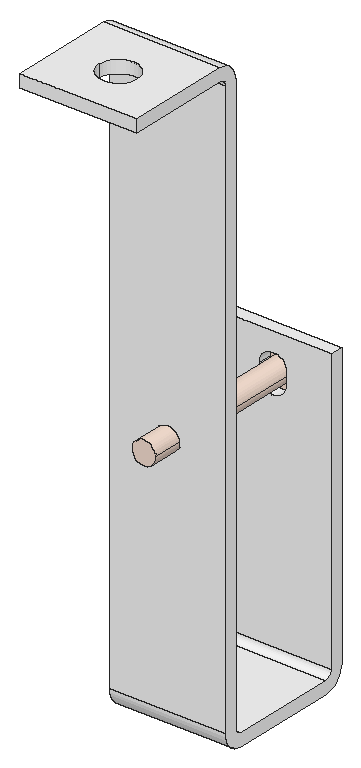
Revit family "lghanger_c60x30x10_outer", category 機械設備, Revit 2022
Family settings
  丸型コネクタ寸法 = 直径を使用
  種別 = なし
  パーツ タイプ = 標準
  作業面ベース = いいえ
  常に垂直 = はい
  ロード時にボイドで切り取り = いいえ
  注釈の向きを維持 = いいえ
  共有 = いいえ
  部屋計算ポイント = いいえ
Parameters
  製造元 = "株式会社桐井製作所"
  既定の高さ = 0 mm
  URL = "https://www.kirii.co.jp/"
  K_材質 = "SGHC　一般用"
  K_品名 = "60×30×10LGハンガー(外折れ)"
  K_名称 = "その他ハンガー"
  K_入数 = "100"
  K_バージョン情報 = "20211012"
  K_めっき付着量 = "Z12"
  K_JIS規格 = "JIS G 3302"
Reference planes
  plane 1 "中心(正面/背面)": y = 0
  plane 2: z = 0
  plane 3 "中心(左/右)": x = 0
  plane 4: x = 15
  plane 5: x = -15
Forms (mm)
  Extrusion 1, solid
    sketch origin (0, 0, 0) x (0, 1, 0) y (0, 0, 1)
      loop
        line (0, 1.8) -> (0, 151.8)
        arc (0, 151.8) -> (-1.464, 155.336) -> (-5, 156.8) r 5
        line (-5, 156.8) -> (-32, 156.8) -> (-32, 153.6) -> (-5, 153.6)
        arc (-5, 153.6) -> (-3.727, 153.073) -> (-3.2, 151.8) r 1.8
        line (-3.2, 151.8) -> (-3.2, 1.8)
        arc (-3.2, 1.8) -> (-1.736, -1.736) -> (1.8, -3.2) r 5
        line (1.8, -3.2) -> (29.2, -3.2)
        arc (29.2, -3.2) -> (32.736, -1.736) -> (34.2, 1.8) r 5
        line (34.2, 1.8) -> (34.2, 74.8) -> (31, 74.8) -> (31, 1.8)
        arc (31, 1.8) -> (30.473, 0.527) -> (29.2, 0) r 1.8
        line (29.2, 0) -> (1.8, 0)
        arc (1.8, 0) -> (0.527, 0.527) -> (0, 1.8) r 1.8
    from -15 to 15
  Extrusion 2, void
    sketch origin (0, 0, 0) x (1, 0, 0) y (0, 1, 0)
      loop
        circle (0, -19) r 5
    from 153.6 to 156.8
  Extrusion 3, void
    sketch origin (0, 0, 0) x (1, 0, 0) y (0, 0, 1)
      loop
        arc (3.5, 66.5) -> (0, 70) -> (-3.5, 66.5) r 3.5
        line (-3.5, 66.5) -> (-3.5, 63.5)
        arc (-3.5, 63.5) -> (0, 60) -> (3.5, 63.5) r 3.5
        line (3.5, 63.5) -> (3.5, 66.5)
    from -34.2 to -31
  Extrusion 4, void
    sketch origin (0, 0, 0) x (1, 0, 0) y (0, 0, 1)
      loop
        circle (0, 65) r 3
    from 0 to 3.2
Cuts and joins
  Extrusion 2, Extrusion 3, Extrusion 4 cuts Extrusion 1
Dimensions and locks
  aligned and locked: level to plane 2
Nested families
  nested 1: "M6×45ビス" at (-0.011, 34.2, 65.2) x (-1, 0, 0) z (0, 0, 1), type "M6×45ビス"
Definition of nested family "M6×45ビス"
  Parameters (values of type "M6×45ビス")
    Manufacturer = "株式会社桐井製作所"
    Default Elevation = 0 mm
    URL = "https://www.kirii.co.jp/"
    K_名称 = "M6×45ボルト"
  Reference planes
    plane 1 "中心(正面/背面)": y = 0
    plane 2: z = 0
    plane 3 "中心(左/右)": x = 0
    plane 4 "正面": y = -4
  Forms (mm)
    Extrusion 1, solid
      sketch origin (0, 0, 0) x (1, 0, 0) y (0, 0, 1)
        loop
          line (-4.763, -2.946) -> (0, -5.696) -> (4.763, -2.946) -> (4.763, 2.554) -> (0, 5.304) -> (-4.763, 2.554) -> (-4.763, -2.946)
      from 0 to 4
    Extrusion 2, void
      sketch origin (0, -4, 0) x (-1, 0, 0) y (0, 0, 1)
        loop
          circle (0, -0.156) r 4.396
      from 0 to 1
    Extrusion 3, void
      sketch origin (0, -4, 0) x (-1, 0, 0) y (0, 0, 1)
        loop
          arc (-0.6, 1.814) -> (-1.069, 0.856) -> (-2.036, 0.404) r 1.605
          line (-2.036, 0.404) -> (-2.939, 0.404)
          arc (-2.939, 0.404) -> (-3, -0.195) -> (-2.94, -0.795) r 3
          line (-2.94, -0.795) -> (-2.049, -0.795)
          arc (-2.049, -0.795) -> (-1.074, -1.243) -> (-0.6, -2.206) r 1.605
          line (-0.6, -2.206) -> (-0.6, -3.135)
          arc (-0.6, -3.135) -> (0, -3.196) -> (0.6, -3.135) r 3
          line (0.6, -3.135) -> (0.6, -2.206)
          arc (0.6, -2.206) -> (1.074, -1.243) -> (2.049, -0.795) r 1.605
          line (2.049, -0.795) -> (2.94, -0.795)
          arc (2.94, -0.795) -> (3, -0.198) -> (2.941, 0.398) r 3
          line (2.941, 0.398) -> (2.117, 0.398)
          arc (2.117, 0.398) -> (1.098, 0.828) -> (0.6, 1.814) r 1.605
          line (0.6, 1.814) -> (0.6, 2.743)
          arc (0.6, 2.743) -> (0, 2.804) -> (-0.6, 2.743) r 3
          line (-0.6, 2.743) -> (-0.6, 1.814)
      from 0 to 2
    Extrusion 4, solid
      sketch origin (0, 0, 0) x (1, 0, 0) y (0, 0, 1)
        loop
          circle (-0.011, -0.2) r 3
      from 0 to -45
  Cuts and joins
    Extrusion 2, Extrusion 3 cuts Extrusion 1
    joined: Extrusion 1, Extrusion 4
  Dimensions and locks
    aligned and locked: level to plane 2
